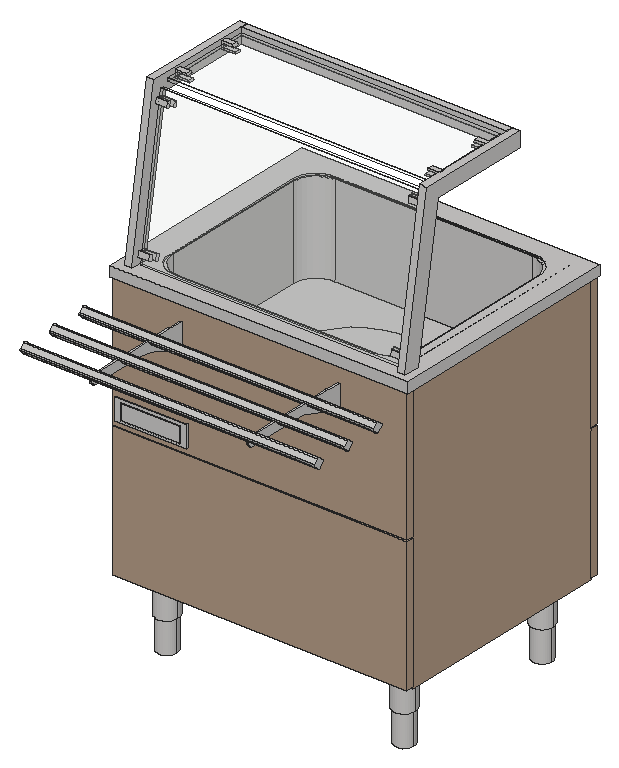
Revit family "QF_ELECTROLUXPROFESSIONAL_322093_F11C2AF01W", category Specialty Equipment, Revit 2018 (continued)
Automatic sketch dimensions
  curve 165 to curve 166 = 0 mm  (x2)
  curve 167 to curve 168 = 0 mm  (x2)
  curve 169 to curve 170 = 0 mm  (x2)
  curve 171 to curve 172 = 0 mm  (x2)
  curve 173 to curve 174 = 0 mm  (x2)
  curve 175 to curve 176 = 0 mm  (x2)
  curve 177 to curve 178 = 0 mm  (x2)
  curve 179 to curve 180 = 0 mm  (x2)
  curve 181 to curve 182 = 0 mm  (x2)
  curve 183 to curve 184 = 0 mm  (x2)
  curve 185 to curve 186 = 0 mm  (x2)
  curve 187 to curve 188 = 0 mm  (x2)
  curve 189 to curve 190 = 0 mm  (x2)
  curve 191 to curve 192 = 0 mm  (x2)
  curve 193 to curve 194 = 0 mm  (x2)
  curve 195 to curve 196 = 0 mm  (x2)
  curve 197 to curve 198 = 0 mm  (x2)
  curve 199 to curve 200 = 0 mm  (x2)
  curve 201 to curve 202 = 0 mm  (x2)
  curve 203 to curve 204 = 0 mm  (x2)
  curve 205 to curve 206 = 0 mm  (x2)
  curve 207 to curve 208 = 0 mm  (x2)
  curve 209 to curve 210 = 0 mm  (x2)
  curve 211 to curve 212 = 0 mm  (x2)
  curve 213 to curve 214 = 0 mm  (x2)
  curve 215 to curve 216 = 0 mm  (x2)
  curve 217 to curve 218 = 0 mm  (x2)
  curve 219 to curve 220 = 0 mm  (x2)
  curve 221 to curve 222 = 0 mm  (x2)
  curve 223 to curve 224 = 0 mm  (x2)
  curve 225 to curve 226 = 0 mm  (x2)
  curve 227 to curve 228 = 0 mm  (x2)
  curve 229 to curve 230 = 0 mm  (x2)
  curve 231 to curve 232 = 0 mm  (x2)
  curve 233 to curve 234 = 0 mm  (x2)
  curve 235 to curve 236 = 0 mm  (x2)
  curve 237 to curve 238 = 0 mm  (x2)
  curve 239 to curve 240 = 0 mm  (x2)
  curve 241 to curve 242 = 0 mm  (x2)
  plane 1 "Centro (Fronte/Retro)" to curve 104 = 0 mm
  plane 1 "Centro (Fronte/Retro)" to curve 213 = 0 mm
  plane 1 "Centro (Fronte/Retro)" to curve 211 = 0 mm
  plane 1 "Centro (Fronte/Retro)" to curve 210 = 0 mm
  plane 1 "Centro (Fronte/Retro)" to curve 105 = 0 mm
  curve 243 to plane 8 = 0 mm
  plane 1 "Centro (Fronte/Retro)" to curve 141 = 0 mm
  plane 1 "Centro (Fronte/Retro)" to curve 143 = 0 mm
  plane 1 "Centro (Fronte/Retro)" to curve 146 = 0 mm
  plane 8 to curve 103 = 0.5 mm
  plane 8 to curve 185 = 7.547 mm
  plane 8 to curve 219 = 7.547 mm
  plane 38 to curve 183 = 1.555 mm
  plane 8 to curve 183 = 10.314 mm
  curve 218 to plane 39 = 1.555 mm
  plane 8 to curve 218 = 10.314 mm
  curve 182 to plane 37 = 3.821 mm
  plane 8 to curve 182 = 14.023 mm
  plane 36 to curve 215 = 3.821 mm
  plane 8 to curve 215 = 14.023 mm
  curve 221 to curve 219 = 6.488 mm
  curve 188 to curve 185 = 6.488 mm
  curve 208 to curve 187 = 4.335 mm
  curve 242 to curve 221 = 4.335 mm
  curve 209 to curve 207 = 1.522 mm
  plane 38 to curve 192 = 4.966 mm
  curve 192 to curve 183 = 9.668 mm
  curve 226 to plane 39 = 4.966 mm
  curve 226 to curve 217 = 9.668 mm
  curve 227 to plane 36 = 0.547 mm
  curve 227 to curve 215 = 13.754 mm
  plane 37 to curve 193 = 0.547 mm
  curve 193 to curve 181 = 13.754 mm
  curve 223 to curve 225 = 8.196 mm
  curve 190 to curve 191 = 8.196 mm
  curve 205 to curve 189 = 8.25 mm
  curve 239 to curve 223 = 8.25 mm
  plane 39 to curve 236 = 4.105 mm
  curve 236 to curve 227 = 10.401 mm
  curve 202 to plane 38 = 4.105 mm
  curve 202 to curve 193 = 10.401 mm
  curve 238 to curve 239 = 3.411 mm
  curve 204 to curve 205 = 3.411 mm
  curve 212 to curve 203 = 0.055 mm
  curve 234 to plane 39 = 3.706 mm
  curve 234 to curve 235 = 9.168 mm
  plane 38 to curve 199 = 3.706 mm
  curve 199 to curve 201 = 9.168 mm
  curve 231 to curve 233 = 7.5 mm
  curve 197 to curve 199 = 7.5 mm
  curve 229 to curve 231 = 4.368 mm
  curve 196 to curve 197 = 4.368 mm
  curve 214 to curve 195 = 0.679 mm
  plane 41 to curve 99 = 26 mm
  plane 41 to curve 96 = 26 mm
  plane 17 to curve 97 = 8 mm
  curve 176 to plane 8 = 0.106 mm
  curve 105 to plane 8 = 0.106 mm
  curve 178 to plane 8 = 0.106 mm
  curve 107 to plane 8 = 0.106 mm
  curve 179 to plane 8 = 0.106 mm
  curve 112 to plane 8 = 0.106 mm
  curve 109 to plane 8 = 0.106 mm
  curve 117 to plane 8 = 7.76 mm
  curve 151 to plane 8 = 7.76 mm
  plane 38 to curve 116 = 1.555 mm
  curve 109 to curve 116 = 10.42 mm
  curve 149 to plane 39 = 1.555 mm
  curve 177 to curve 149 = 10.42 mm
  plane 36 to curve 148 = 3.821 mm
  curve 179 to curve 148 = 14.129 mm
  curve 113 to plane 37 = 3.821 mm
  curve 111 to curve 113 = 14.129 mm
  curve 151 to curve 154 = 6.488 mm
  curve 117 to curve 119 = 6.488 mm
  curve 153 to curve 173 = 4.335 mm
  curve 119 to curve 140 = 4.335 mm
  curve 173 to curve 141 = 1.522 mm
  plane 38 to curve 124 = 4.966 mm
  curve 115 to curve 124 = 9.668 mm
  curve 158 to plane 39 = 4.966 mm
  curve 149 to curve 158 = 9.668 mm
  curve 159 to plane 36 = 0.547 mm
  curve 147 to curve 159 = 13.754 mm
  plane 37 to curve 126 = 0.547 mm
  curve 113 to curve 126 = 13.754 mm
  curve 123 to curve 121 = 8.196 mm
  curve 157 to curve 156 = 8.196 mm
  curve 155 to curve 171 = 8.25 mm
  curve 121 to curve 138 = 8.25 mm
  curve 134 to plane 38 = 4.105 mm
  curve 125 to curve 134 = 10.401 mm
  plane 39 to curve 168 = 4.105 mm
  curve 159 to curve 168 = 10.401 mm
  curve 171 to curve 169 = 3.411 mm
  curve 137 to curve 136 = 3.411 mm
  curve 169 to curve 143 = 0.055 mm
  curve 166 to plane 39 = 3.706 mm
  curve 167 to curve 166 = 9.168 mm
  plane 38 to curve 132 = 3.706 mm
  curve 133 to curve 132 = 9.168 mm
  curve 131 to curve 130 = 7.5 mm
  curve 165 to curve 163 = 7.5 mm
  curve 163 to curve 162 = 4.368 mm
  curve 129 to curve 128 = 4.368 mm
  curve 161 to curve 146 = 0.679 mm
  curve 99 to plane 40 = 19 mm
  curve 102 to plane 40 = 19 mm
  curve 101 to plane 16 = 8 mm
  plane 36 to curve 179 = 4.5 mm
  curve 97 to plane 14 = 29 mm
  curve 178 to plane 39 = 1.5 mm
  curve 225 to curve 224 = 8.25 mm
  curve 157 to curve 155 = 8.25 mm
  curve 234 to curve 232 = 9.91 mm
  curve 165 to curve 164 = 9.91 mm
  curve 155 to curve 171 = 8.196 mm
  curve 223 to curve 240 = 8.196 mm
  curve 175 to curve 105 = 20 mm
  curve 176 to curve 220 = 1.522 mm
  curve 175 to curve 152 = 1.522 mm
  curve 151 to curve 153 = 4.335 mm
  curve 219 to curve 221 = 4.335 mm
  curve 231 to curve 229 = 13.754 mm
  curve 163 to curve 161 = 13.754 mm
  curve 171 to curve 170 = 9.668 mm
  curve 240 to curve 237 = 9.668 mm
  curve 153 to curve 174 = 6.488 mm
  curve 221 to curve 241 = 6.488 mm
  plane 1 "Centro (Fronte/Retro)" to curve 207 = 7.654 mm
  plane 1 "Centro (Fronte/Retro)" to curve 139 = 7.654 mm
  plane 1 "Centro (Fronte/Retro)" to curve 203 = 10.42 mm
  plane 1 "Centro (Fronte/Retro)" to curve 135 = 10.42 mm
  plane 1 "Centro (Fronte/Retro)" to curve 195 = 14.129 mm
  plane 1 "Centro (Fronte/Retro)" to curve 127 = 14.129 mm
  curve 139 to curve 120 = 6.488 mm
  curve 207 to curve 187 = 6.488 mm
  curve 187 to curve 186 = 4.335 mm
  curve 119 to curve 118 = 4.335 mm
  curve 186 to curve 107 = 1.522 mm
  curve 135 to curve 138 = 9.668 mm
  curve 204 to curve 206 = 9.668 mm
  curve 198 to curve 199 = 9.91 mm
  curve 130 to curve 131 = 9.91 mm
  curve 137 to curve 122 = 8.196 mm
  curve 206 to curve 190 = 8.196 mm
  plane 38 to curve 110 = 1.5 mm
  curve 112 to plane 37 = 4.5 mm
  plane 15 to curve 98 = 29 mm
  plane 8 to curve 178 = 2.894 mm
  plane 8 to curve 111 = 2.894 mm
  curve 106 to curve 103 = 2.394 mm
  plane 8 to curve 176 = 2.894 mm
  plane 8 to curve 110 = 2.894 mm
  plane 8 to curve 108 = 2.894 mm
  plane 8 to curve 179 = 2.894 mm
  curve 219 to curve 176 = 1.654 mm
  curve 186 to curve 108 = 1.654 mm
  curve 217 to curve 218 = 3 mm
  curve 183 to curve 184 = 3 mm
  curve 181 to curve 182 = 3 mm
  curve 215 to curve 216 = 3 mm
  curve 187 to curve 188 = 3 mm
  curve 221 to curve 221 = 3 mm
  curve 241 to curve 241 = 3 mm
  curve 207 to curve 208 = 3 mm
  curve 209 to curve 210 = 3 mm
  curve 191 to curve 191 = 3 mm
  curve 225 to curve 226 = 3 mm
  curve 227 to curve 228 = 3 mm
  curve 193 to curve 193 = 3 mm
  curve 189 to curve 189 = 3 mm
  curve 223 to curve 224 = 3 mm
  curve 205 to curve 205 = 3 mm
  curve 239 to curve 240 = 3 mm
  curve 201 to curve 201 = 3 mm
  curve 235 to curve 236 = 3 mm
  curve 237 to curve 238 = 3 mm
  curve 203 to curve 204 = 3 mm
  curve 211 to curve 211 = 3 mm
  curve 233 to curve 233 = 3 mm
  curve 199 to curve 200 = 3 mm
  curve 231 to curve 231 = 3 mm
  curve 197 to curve 197 = 3 mm
  curve 195 to curve 195 = 3 mm
  curve 229 to curve 229 = 3 mm
  curve 213 to curve 214 = 3 mm
  curve 103 to plane 28 = 50.5 mm
  curve 175 to curve 152 = 1.654 mm
  curve 107 to curve 117 = 1.654 mm
  curve 149 to curve 149 = 3 mm
  curve 116 to curve 115 = 3 mm
  curve 148 to curve 147 = 3 mm
  curve 114 to curve 113 = 3 mm
  curve 120 to curve 119 = 3 mm
  curve 154 to curve 153 = 3 mm
  curve 174 to curve 173 = 3 mm
  curve 140 to curve 139 = 3 mm
  curve 141 to curve 141 = 3 mm
  curve 123 to curve 123 = 3 mm
  curve 157 to curve 157 = 3 mm
  curve 160 to curve 159 = 3 mm
  curve 125 to curve 125 = 3 mm
  curve 121 to curve 121 = 3 mm
  curve 155 to curve 155 = 3 mm
  curve 138 to curve 137 = 3 mm
  curve 171 to curve 171 = 3 mm
  curve 167 to curve 167 = 3 mm
  curve 134 to curve 133 = 3 mm
  curve 136 to curve 135 = 3 mm
  curve 170 to curve 169 = 3 mm
  curve 143 to curve 143 = 3 mm
  curve 166 to curve 165 = 3 mm
  curve 132 to curve 131 = 3 mm
  curve 164 to curve 163 = 3 mm
  curve 129 to curve 129 = 3 mm
  curve 162 to curve 161 = 3 mm
  curve 127 to curve 127 = 3 mm
  curve 146 to curve 145 = 3 mm
  curve 247 to plane 7 "LEFT" = 0 mm
  curve 13 to plane 30 = 0 mm
  curve 27 to plane 33 = 0 mm
  curve 50 to plane 34 = 0 mm
  curve 68 to plane 34 = 0 mm
  curve 91 to plane 34 = 0 mm
  curve 18 to plane 34 = 0 mm
  curve 6 to plane 34 = 0 mm
  curve 244 to plane 3 "BACK" = 0 mm
  curve 246 to plane 3 "BACK" = 0 mm
  curve 245 to plane 3 "BACK" = 0 mm
  curve 94 to plane 35 = 0 mm
  curve 93 to plane 35 = 0 mm
  curve 92 to plane 35 = 0 mm
  curve 5 to plane 35 = 0 mm
  curve 18 to plane 35 = 0 mm
  curve 88 to plane 32 = 0 mm
  curve 9 to plane 31 = 0 mm
  curve 1 to plane 3 "BACK" = 0 mm
  curve 248 to plane 6 "RIGHT" = 0 mm
  curve 248 to plane 10 = 0 mm
  curve 4 to plane 4 "FRONT" = 0 mm
  curve 17 to plane 36 = 0 mm
  curve 37 to curve 48 = 1 mm
  curve 71 to plane 34 = 1 mm
  curve 42 to plane 34 = 0 mm
  curve 46 to plane 16 = 5.5 mm
  curve 75 to plane 16 = 5.5 mm
  curve 74 to plane 16 = 3.511 mm
  curve 46 to plane 16 = 3.5 mm
  curve 30 to plane 16 = 3.5 mm
  curve 28 to plane 16 = 3.5 mm
  plane 16 to curve 45 = 2.062 mm
  plane 29 to curve 245 = 9.281 mm
  curve 244 to plane 3 "BACK" = 2 mm
  plane 41 to curve 244 = 4.966 mm
  curve 62 to plane 17 = 2.062 mm
  plane 17 to curve 25 = 3.5 mm
  plane 17 to curve 22 = 3.5 mm
  plane 17 to curve 65 = 3.5 mm
  plane 17 to curve 83 = 3.511 mm
  curve 85 to curve 86 = 1.989 mm
  curve 54 to curve 51 = 2 mm
  plane 35 to curve 61 = 0 mm
  curve 94 to curve 83 = 1 mm
  plane 35 to curve 55 = 1 mm
  curve 14 to plane 24 = 2.344 mm
  curve 10 to plane 24 = 2.344 mm
  plane 24 to curve 86 = 13.819 mm
  plane 24 to curve 76 = 13.819 mm
  curve 75 to curve 76 = 2.431 mm
  curve 86 to curve 89 = 2.431 mm
  curve 73 to curve 75 = 2.493 mm
  curve 84 to curve 85 = 2.493 mm
  curve 89 to curve 82 = 4.924 mm
  curve 78 to curve 71 = 4.924 mm
  curve 71 to curve 71 = 9.848 mm
  curve 82 to curve 80 = 9.848 mm
  plane 15 to curve 34 = 6.122 mm
  plane 15 to curve 54 = 6.122 mm
  curve 51 to curve 64 = 2.431 mm
  curve 33 to curve 34 = 2.431 mm
  curve 34 to curve 36 = 2.493 mm
  curve 52 to curve 65 = 2.493 mm
  curve 67 to curve 37 = 7.355 mm
  curve 94 to curve 55 = 7.355 mm
  curve 66 to curve 93 = 2.954 mm
  curve 49 to curve 57 = 6.894 mm
  curve 93 to curve 39 = 6.894 mm
  curve 57 to curve 49 = 1.229 mm
  curve 49 to curve 60 = 2.617 mm
  curve 48 to curve 43 = 2.617 mm
  curve 60 to curve 60 = 1.078 mm
  curve 42 to curve 42 = 1.078 mm
  curve 59 to curve 92 = 8.954 mm
  curve 91 to curve 29 = 32.796 mm
  curve 20 to curve 25 = 32.796 mm
  curve 25 to curve 25 = 14 mm
  curve 28 to curve 28 = 14 mm
  plane 1 "Centro (Fronte/Retro)" to curve 22 = 3 mm
  plane 1 "Centro (Fronte/Retro)" to curve 31 = 3 mm
  curve 31 to plane 1 "Centro (Fronte/Retro)" = 11 mm
  curve 22 to plane 1 "Centro (Fronte/Retro)" = 11 mm
  plane 36 to curve 8 = 26.023 mm
  curve 245 to plane 9 = 11.101 mm
  curve 75 to curve 90 = 0.034 mm
  plane 16 to curve 45 = 0.999 mm
  curve 246 to plane 29 = 0.719 mm
  plane 28 to curve 246 = 23.028 mm
  curve 245 to curve 244 = 6.005 mm
  curve 63 to plane 17 = 0.999 mm
  curve 81 to curve 80 = 2.431 mm
  curve 70 to curve 69 = 2.431 mm
  curve 80 to curve 79 = 4.924 mm
  curve 69 to curve 68 = 4.924 mm
  curve 16 to curve 51 = 2.23 mm
  plane 15 to curve 15 = 3.892 mm
  curve 40 to curve 39 = 2.431 mm
  curve 58 to curve 56 = 2.431 mm
  plane 36 to curve 11 = 6.023 mm
  curve 246 to curve 245 = 17.321 mm
  radius of Extrusion 26 sketch curve = 10 mm
  radius of Extrusion 27 sketch curve = 10 mm
Nested families
  nested 1: "Foot_Ø50_H150" at (-821.269, -148.263, 0), type "Foot_Ø50_H150"
  nested 2: "Foot_Ø50_H150" at (-207.269, -148.263, 0), type "Foot_Ø50_H150"
  nested 3: "Foot_Ø50_H150" at (-207.269, 297.737, 0), type "Foot_Ø50_H150"
  nested 4: "Foot_Ø50_H150" at (-821.269, 297.737, 0), type "Foot_Ø50_H150"
  nested 5: "Cold Well Static w. Fan770" at (0, 0, 0), type "Cold Well Static w. Fan770"
    with Show Clearance yes
  nested 6: "Controller_compact" at (-793.019, -231.263, 572.8) x (-1, 0, 0) z (0, -1, 0), type "Controller_compact"
  nested 7: "Refrigerator" at (-309.269, -45.263, 900), type "Refrigerator"
Connectors
  piping at (-832.269, 124.737, 166), diameter 20
    settings: on Extrusion 26, index 8, connector inside diameter 609.6 mm, connector length 0 mm, flow factor 0, pipe flow 0.0 L/s, pressure drop 0.0 Pa, fitting loss kfactor 0, connector angle 0.00°, fixture units 0, engagement length 0 mm, angle of deflection 0.00°, flow configuration 1, flow direction 2, fitting loss method 0, system type 16, joint type 0, gender type 0, connector reference index -1, connector utility 0, adjustable connector no, is connector primary yes, connector description ""
  electrical at (-832.269, 24.737, 166)
    settings: on Extrusion 27, index 10, voltage 0 V, apparent load 0 VA, apparent load phase1 0 VA, apparent load phase2 0 VA, apparent load phase3 0 VA, power factor 1, load classification "Other", number of poles 1, system type 31, power factor state 1, is connector primary yes, connector utility no, sub classification motor no, connector description ""
Definition of nested family "Foot_Ø50_H150"
  Reference planes
    plane 1 "Centro (Fronte/Retro)": y = 0
    plane 2: z = 0
    plane 3 "Centro (Sinistra/Destra)": x = 0
    plane 4: z = 178
  Forms (mm)
    Revolve 1, solid
      sketch origin (255.05, 0, 608.09) x (0, 0, 1) y (-1, 0, 0)
        loop
          line (-608.09, 255.05) -> (-608.09, 230.05) -> (-526.09, 230.05) -> (-526.09, 226.05) -> (-430.09, 226.05) -> (-430.09, 255.05) -> (-608.09, 255.05)
        axis (-608.09, 255.05) -> (-430.09, 255.05)
      angle from 0 to 360
  Dimensions and locks
    Revolve 1 sketch curve to Revolve 1 sketch curve = 96 mm
    aligned and locked: level to plane 2
    aligned and locked: plane 4 to Revolve 1 sketch curve
    aligned and locked: Revolve 1 sketch curve to level
    aligned and locked: plane 3 "Centro (Sinistra/Destra)" to Revolve 1 sketch curve
Definition of nested family "Cold Well Static w. Fan770"
  Parameters (values of type "Cold Well Static w. Fan770")
    Show Clearance [instance] = yes
  Reference planes
    plane 1 "Centro (Fronte/Retro)": y = 74.737
    plane 2: z = 0
    plane 3 "BACK": y = 384.737
    plane 4 "FRONT": y = -235.263
    plane 5 "RIGHT": x = -129.269
    plane 6 "LEFT": x = -899.269
    plane 7: x = -514.269
    plane 8 "TOP": z = 900
    plane 9: y = 352.737
    plane 10: y = -203.263
    plane 11: x = -176.469
    plane 12: x = -852.069
    plane 13: y = 329.737
    plane 14: y = -180.263
    plane 15: x = -829.269
    plane 16: x = -199.269
    plane 17: z = 898
    plane 18: z = 658
    plane 19: z = 661
    plane 20: z = 624.1
    plane 21: x = -346.269
    plane 22: y = 188.737
    plane 23: y = -39.263
    plane 24: x = -650.269
    plane 25: z = 265
    plane 26: x = -774.269
    plane 27: x = -324.269
    plane 28: x = -762.269
    plane 29: x = -336.269
    plane 30: y = -200.063
    plane 31: y = 349.537
    plane 32 "1": y = 239.737
    plane 33: y = -165.263
    plane 34: y = 314.737
  Forms (mm)
    Extrusion 1, solid
      sketch origin (0, 0, 900) x (-1, 0, 0) y (0, -1, 0)
        loop
          line (176.469, -352.737) -> (852.069, -352.737) -> (852.069, 203.263) -> (176.469, 203.263) -> (176.469, -352.737)
      from -2 to -242
    Extrusion 2, void
      sketch origin (0, 0, 900) x (-1, 0, 0) y (0, -1, 0)
        loop
          line (829.269, -268.737) -> (829.269, 119.263)
          arc (829.269, 119.263) -> (811.402, 162.396) -> (768.269, 180.263) r 61
          line (768.269, 180.263) -> (260.269, 180.263)
          arc (260.269, 180.263) -> (217.135, 162.396) -> (199.269, 119.263) r 61
          line (199.269, 119.263) -> (199.269, -268.737)
          arc (199.269, -268.737) -> (217.135, -311.871) -> (260.269, -329.737) r 61
          line (260.269, -329.737) -> (768.269, -329.737)
          arc (768.269, -329.737) -> (811.402, -311.871) -> (829.269, -268.737) r 61
      from 0 to -239
    Extrusion 3, solid
      sketch origin (0, 0, 900) x (-1, 0, 0) y (0, -1, 0)
        loop
          line (650.269, -188.737) -> (650.269, 39.263) -> (346.269, 39.263) -> (346.269, -188.737) -> (650.269, -188.737)
      from -242 to -275.9
    Extrusion 4, solid
      sketch origin (0, 0, 900) x (-1, 0, 0) y (0, -1, 0)
        loop
          circle (513.769, -74.737) r 155
        loop
          circle (514.375, -74.737) r 3
        loop
          circle (534.375, -74.737) r 3
        loop
          circle (554.375, -74.737) r 3
        loop
          circle (574.375, -74.737) r 3
        loop
          circle (514.375, -54.737) r 3
        loop
          circle (514.375, -34.737) r 3
        loop
          circle (514.375, -14.737) r 3
        loop
          circle (528.517, -60.595) r 3
        loop
          circle (542.659, -46.453) r 3
        loop
          circle (552.659, -29.132) r 3
        loop
          circle (522.029, -56.259) r 3
        loop
          circle (532.852, -67.083) r 3
        loop
          circle (524.795, -34.792) r 3
        loop
          circle (528.504, -15.416) r 3
        loop
          circle (534.463, -38.203) r 3
        loop
          circle (542.258, -19.785) r 3
        loop
          circle (554.32, -64.317) r 3
        loop
          circle (573.696, -60.608) r 3
        loop
          circle (550.909, -54.649) r 3
        loop
          circle (569.327, -46.854) r 3
        loop
          circle (561.827, -36.943) r 3
        loop
          circle (528.517, -88.879) r 3
        loop
          circle (542.659, -103.021) r 3
        loop
          circle (552.659, -120.342) r 3
        loop
          circle (522.029, -93.215) r 3
        loop
          circle (532.852, -82.391) r 3
        loop
          circle (524.795, -114.682) r 3
        loop
          circle (528.504, -134.058) r 3
        loop
          circle (534.463, -111.271) r 3
        loop
          circle (542.258, -129.69) r 3
        loop
          circle (554.32, -85.157) r 3
        loop
          circle (573.696, -88.866) r 3
        loop
          circle (550.909, -94.825) r 3
        loop
          circle (569.327, -102.621) r 3
        loop
          circle (561.827, -112.531) r 3
        loop
          circle (514.375, -94.737) r 3
        loop
          circle (514.375, -114.737) r 3
        loop
          circle (514.375, -134.737) r 3
        loop
          circle (494.375, -74.737) r 3
        loop
          circle (474.375, -74.737) r 3
        loop
          circle (454.375, -74.737) r 3
        loop
          circle (500.233, -60.595) r 3
        loop
          circle (486.091, -46.453) r 3
        loop
          circle (476.091, -29.132) r 3
        loop
          circle (506.721, -56.259) r 3
        loop
          circle (495.897, -67.083) r 3
        loop
          circle (503.955, -34.792) r 3
        loop
          circle (500.246, -15.416) r 3
        loop
          circle (494.287, -38.203) r 3
        loop
          circle (486.491, -19.785) r 3
        loop
          circle (474.43, -64.317) r 3
        loop
          circle (455.054, -60.608) r 3
        loop
          circle (477.841, -54.649) r 3
        loop
          circle (459.422, -46.854) r 3
        loop
          circle (466.922, -36.943) r 3
        loop
          circle (500.233, -88.879) r 3
        loop
          circle (486.091, -103.021) r 3
        loop
          circle (476.091, -120.342) r 3
        loop
          circle (506.721, -93.215) r 3
        loop
          circle (495.897, -82.391) r 3
        loop
          circle (503.955, -114.682) r 3
        loop
          circle (500.246, -134.058) r 3
        loop
          circle (494.287, -111.271) r 3
        loop
          circle (486.491, -129.69) r 3
        loop
          circle (474.43, -85.157) r 3
        loop
          circle (455.054, -88.866) r 3
        loop
          circle (477.841, -94.825) r 3
        loop
          circle (459.422, -102.621) r 3
        loop
          circle (466.922, -112.531) r 3
      from -233.523 to -230.523
  Cuts and joins
    Extrusion 2 cuts Extrusion 1
  Lines and regions (mm)
    symbolic lines
      curve 1: line (-139.269, 384.737, 900) -> (-889.269, 384.737, 900)
      curve 2: arc (-889.269, 384.737, 900) -> (-896.34, 381.808, 900) -> (-899.269, 374.737, 900) r 10
      curve 3: line (-899.269, 374.737, 900) -> (-899.269, -225.263, 900)
      curve 4: arc (-899.269, -225.263, 900) -> (-896.34, -232.334, 900) -> (-889.269, -235.263, 900) r 10
      curve 5: line (-889.269, -235.263, 900) -> (-139.269, -235.263, 900)
      curve 6: arc (-139.269, -235.263, 900) -> (-132.198, -232.334, 900) -> (-129.269, -225.263, 900) r 10
      curve 7: line (-129.269, -225.263, 900) -> (-129.269, 374.737, 900)
      curve 8: arc (-129.269, 374.737, 900) -> (-132.198, 381.808, 900) -> (-139.269, 384.737, 900) r 10
      curve 9: line (-768.269, 329.737, 900) -> (-260.269, 329.737, 900)
      curve 10: arc (-260.269, 329.737, 900) -> (-217.135, 311.871, 900) -> (-199.269, 268.737, 900) r 61
      curve 11: line (-199.269, 268.737, 900) -> (-199.269, -119.263, 900)
      curve 12: arc (-199.269, -119.263, 900) -> (-217.135, -162.396, 900) -> (-260.269, -180.263, 900) r 61
      curve 13: line (-260.269, -180.263, 900) -> (-768.269, -180.263, 900)
      curve 14: arc (-768.269, -180.263, 900) -> (-811.402, -162.396, 900) -> (-829.269, -119.263, 900) r 61
      curve 15: line (-829.269, -119.263, 900) -> (-829.269, 268.737, 900)
      curve 16: arc (-829.269, 268.737, 900) -> (-811.402, 311.871, 900) -> (-768.269, 329.737, 900) r 61
      curve 17: arc (-358.769, 74.737, 900) -> (-513.769, 229.737, 900) -> (-668.769, 74.737, 900) r 155
      curve 18: arc (-668.769, 74.737, 900) -> (-513.769, -80.263, 900) -> (-358.769, 74.737, 900) r 155
      curve 19: arc (-511.375, 74.737, 900) -> (-514.375, 71.737, 900) -> (-517.375, 74.737, 900) r 3
      curve 20: arc (-517.375, 74.737, 900) -> (-514.375, 77.737, 900) -> (-511.375, 74.737, 900) r 3
      curve 21: arc (-511.375, 54.737, 900) -> (-514.375, 51.737, 900) -> (-517.375, 54.737, 900) r 3
      curve 22: arc (-517.375, 54.737, 900) -> (-514.375, 57.737, 900) -> (-511.375, 54.737, 900) r 3
      curve 23: arc (-511.375, 34.737, 900) -> (-514.375, 31.737, 900) -> (-517.375, 34.737, 900) r 3
      curve 24: arc (-517.375, 34.737, 900) -> (-514.375, 37.737, 900) -> (-511.375, 34.737, 900) r 3
      curve 25: arc (-511.375, 14.737, 900) -> (-514.375, 11.737, 900) -> (-517.375, 14.737, 900) r 3
      curve 26: arc (-517.375, 14.737, 900) -> (-514.375, 17.737, 900) -> (-511.375, 14.737, 900) r 3
      curve 27: arc (-525.504, 15.416, 900) -> (-528.504, 12.416, 900) -> (-531.504, 15.416, 900) r 3
      curve 28: arc (-531.504, 15.416, 900) -> (-528.504, 18.416, 900) -> (-525.504, 15.416, 900) r 3
      curve 29: arc (-521.795, 34.792, 900) -> (-524.795, 31.792, 900) -> (-527.795, 34.792, 900) r 3
      curve 30: arc (-527.795, 34.792, 900) -> (-524.795, 37.792, 900) -> (-521.795, 34.792, 900) r 3
      curve 31: arc (-525.029, 56.259, 900) -> (-522.029, 59.259, 900) -> (-519.029, 56.259, 900) r 3
      curve 32: arc (-519.029, 56.259, 900) -> (-522.029, 53.259, 900) -> (-525.029, 56.259, 900) r 3
      curve 33: arc (-531.517, 60.595, 900) -> (-528.517, 63.595, 900) -> (-525.517, 60.595, 900) r 3
      curve 34: arc (-525.517, 60.595, 900) -> (-528.517, 57.595, 900) -> (-531.517, 60.595, 900) r 3
      curve 35: arc (-545.659, 46.453, 900) -> (-542.659, 49.453, 900) -> (-539.659, 46.453, 900) r 3
      curve 36: arc (-539.659, 46.453, 900) -> (-542.659, 43.453, 900) -> (-545.659, 46.453, 900) r 3
      curve 37: arc (-537.463, 38.203, 900) -> (-534.463, 41.203, 900) -> (-531.463, 38.203, 900) r 3
      curve 38: arc (-531.463, 38.203, 900) -> (-534.463, 35.203, 900) -> (-537.463, 38.203, 900) r 3
      curve 39: arc (-545.258, 19.785, 900) -> (-542.258, 22.785, 900) -> (-539.258, 19.785, 900) r 3
      curve 40: arc (-539.258, 19.785, 900) -> (-542.258, 16.785, 900) -> (-545.258, 19.785, 900) r 3
      curve 41: arc (-570.696, 60.608, 900) -> (-573.696, 57.608, 900) -> (-576.696, 60.608, 900) r 3
      curve 42: arc (-576.696, 60.608, 900) -> (-573.696, 63.608, 900) -> (-570.696, 60.608, 900) r 3
      curve 43: arc (-572.327, 46.854, 900) -> (-569.327, 49.854, 900) -> (-566.327, 46.854, 900) r 3
      curve 44: arc (-566.327, 46.854, 900) -> (-569.327, 43.854, 900) -> (-572.327, 46.854, 900) r 3
      curve 45: arc (-564.827, 36.943, 900) -> (-561.827, 39.943, 900) -> (-558.827, 36.943, 900) r 3
      curve 46: arc (-558.827, 36.943, 900) -> (-561.827, 33.943, 900) -> (-564.827, 36.943, 900) r 3
      curve 47: arc (-555.659, 29.132, 900) -> (-552.659, 32.132, 900) -> (-549.659, 29.132, 900) r 3
      curve 48: arc (-549.659, 29.132, 900) -> (-552.659, 26.132, 900) -> (-555.659, 29.132, 900) r 3
      curve 49: arc (-557.32, 64.317, 900) -> (-554.32, 67.317, 900) -> (-551.32, 64.317, 900) r 3
      curve 50: arc (-551.32, 64.317, 900) -> (-554.32, 61.317, 900) -> (-557.32, 64.317, 900) r 3
      curve 51: arc (-553.909, 54.649, 900) -> (-550.909, 57.649, 900) -> (-547.909, 54.649, 900) r 3
      curve 52: arc (-547.909, 54.649, 900) -> (-550.909, 51.649, 900) -> (-553.909, 54.649, 900) r 3
      curve 53: arc (-529.852, 67.083, 900) -> (-532.852, 64.083, 900) -> (-535.852, 67.083, 900) r 3
      curve 54: arc (-535.852, 67.083, 900) -> (-532.852, 70.083, 900) -> (-529.852, 67.083, 900) r 3
      curve 55: arc (-537.375, 74.737, 900) -> (-534.375, 77.737, 900) -> (-531.375, 74.737, 900) r 3
      curve 56: arc (-531.375, 74.737, 900) -> (-534.375, 71.737, 900) -> (-537.375, 74.737, 900) r 3
      curve 57: arc (-557.375, 74.737, 900) -> (-554.375, 77.737, 900) -> (-551.375, 74.737, 900) r 3
      curve 58: arc (-551.375, 74.737, 900) -> (-554.375, 71.737, 900) -> (-557.375, 74.737, 900) r 3
      curve 59: arc (-577.375, 74.737, 900) -> (-574.375, 77.737, 900) -> (-571.375, 74.737, 900) r 3
      curve 60: arc (-571.375, 74.737, 900) -> (-574.375, 71.737, 900) -> (-577.375, 74.737, 900) r 3
      curve 61: arc (-525.504, 134.058, 900) -> (-528.504, 137.058, 900) -> (-531.504, 134.058, 900) r 3
      curve 62: arc (-531.504, 134.058, 900) -> (-528.504, 131.058, 900) -> (-525.504, 134.058, 900) r 3
      curve 63: arc (-521.795, 114.682, 900) -> (-524.795, 117.682, 900) -> (-527.795, 114.682, 900) r 3
      curve 64: arc (-527.795, 114.682, 900) -> (-524.795, 111.682, 900) -> (-521.795, 114.682, 900) r 3
      curve 65: arc (-525.029, 93.215, 900) -> (-522.029, 90.215, 900) -> (-519.029, 93.215, 900) r 3
      curve 66: arc (-519.029, 93.215, 900) -> (-522.029, 96.215, 900) -> (-525.029, 93.215, 900) r 3
      curve 67: arc (-531.517, 88.879, 900) -> (-528.517, 85.879, 900) -> (-525.517, 88.879, 900) r 3
      curve 68: arc (-525.517, 88.879, 900) -> (-528.517, 91.879, 900) -> (-531.517, 88.879, 900) r 3
      curve 69: arc (-545.659, 103.021, 900) -> (-542.659, 100.021, 900) -> (-539.659, 103.021, 900) r 3
      curve 70: arc (-539.659, 103.021, 900) -> (-542.659, 106.021, 900) -> (-545.659, 103.021, 900) r 3
      curve 71: arc (-537.463, 111.271, 900) -> (-534.463, 108.271, 900) -> (-531.463, 111.271, 900) r 3
      curve 72: arc (-531.463, 111.271, 900) -> (-534.463, 114.271, 900) -> (-537.463, 111.271, 900) r 3
      curve 73: arc (-545.258, 129.69, 900) -> (-542.258, 126.69, 900) -> (-539.258, 129.69, 900) r 3
      curve 74: arc (-539.258, 129.69, 900) -> (-542.258, 132.69, 900) -> (-545.258, 129.69, 900) r 3
      curve 75: arc (-570.696, 88.866, 900) -> (-573.696, 91.866, 900) -> (-576.696, 88.866, 900) r 3
      curve 76: arc (-576.696, 88.866, 900) -> (-573.696, 85.866, 900) -> (-570.696, 88.866, 900) r 3
      curve 77: arc (-572.327, 102.621, 900) -> (-569.327, 99.621, 900) -> (-566.327, 102.621, 900) r 3
      curve 78: arc (-566.327, 102.621, 900) -> (-569.327, 105.621, 900) -> (-572.327, 102.621, 900) r 3
      curve 79: arc (-564.827, 112.531, 900) -> (-561.827, 109.531, 900) -> (-558.827, 112.531, 900) r 3
      curve 80: arc (-558.827, 112.531, 900) -> (-561.827, 115.531, 900) -> (-564.827, 112.531, 900) r 3
      curve 81: arc (-555.659, 120.342, 900) -> (-552.659, 117.342, 900) -> (-549.659, 120.342, 900) r 3
      curve 82: arc (-549.659, 120.342, 900) -> (-552.659, 123.342, 900) -> (-555.659, 120.342, 900) r 3
      curve 83: arc (-557.32, 85.157, 900) -> (-554.32, 82.157, 900) -> (-551.32, 85.157, 900) r 3
      curve 84: arc (-551.32, 85.157, 900) -> (-554.32, 88.157, 900) -> (-557.32, 85.157, 900) r 3
      curve 85: arc (-553.909, 94.825, 900) -> (-550.909, 91.825, 900) -> (-547.909, 94.825, 900) r 3
      curve 86: arc (-547.909, 94.825, 900) -> (-550.909, 97.825, 900) -> (-553.909, 94.825, 900) r 3
      curve 87: arc (-529.852, 82.391, 900) -> (-532.852, 85.391, 900) -> (-535.852, 82.391, 900) r 3
      curve 88: arc (-535.852, 82.391, 900) -> (-532.852, 79.391, 900) -> (-529.852, 82.391, 900) r 3
      curve 89: arc (-511.375, 94.737, 900) -> (-514.375, 97.737, 900) -> (-517.375, 94.737, 900) r 3
      curve 90: arc (-517.375, 94.737, 900) -> (-514.375, 91.737, 900) -> (-511.375, 94.737, 900) r 3
      curve 91: arc (-511.375, 114.737, 900) -> (-514.375, 117.737, 900) -> (-517.375, 114.737, 900) r 3
      curve 92: arc (-517.375, 114.737, 900) -> (-514.375, 111.737, 900) -> (-511.375, 114.737, 900) r 3
      curve 93: arc (-511.375, 134.737, 900) -> (-514.375, 137.737, 900) -> (-517.375, 134.737, 900) r 3
      curve 94: arc (-517.375, 134.737, 900) -> (-514.375, 131.737, 900) -> (-511.375, 134.737, 900) r 3
      curve 95: arc (-503.246, 15.416, 900) -> (-500.246, 12.416, 900) -> (-497.246, 15.416, 900) r 3
      curve 96: arc (-497.246, 15.416, 900) -> (-500.246, 18.416, 900) -> (-503.246, 15.416, 900) r 3
      curve 97: arc (-506.955, 34.792, 900) -> (-503.955, 31.792, 900) -> (-500.955, 34.792, 900) r 3
      curve 98: arc (-500.955, 34.792, 900) -> (-503.955, 37.792, 900) -> (-506.955, 34.792, 900) r 3
      curve 99: arc (-503.721, 56.259, 900) -> (-506.721, 59.259, 900) -> (-509.721, 56.259, 900) r 3
      curve 100: arc (-509.721, 56.259, 900) -> (-506.721, 53.259, 900) -> (-503.721, 56.259, 900) r 3
      curve 101: arc (-497.233, 60.595, 900) -> (-500.233, 63.595, 900) -> (-503.233, 60.595, 900) r 3
      curve 102: arc (-503.233, 60.595, 900) -> (-500.233, 57.595, 900) -> (-497.233, 60.595, 900) r 3
      curve 103: arc (-483.091, 46.453, 900) -> (-486.091, 49.453, 900) -> (-489.091, 46.453, 900) r 3
      curve 104: arc (-489.091, 46.453, 900) -> (-486.091, 43.453, 900) -> (-483.091, 46.453, 900) r 3
      curve 105: arc (-491.287, 38.203, 900) -> (-494.287, 41.203, 900) -> (-497.287, 38.203, 900) r 3
      curve 106: arc (-497.287, 38.203, 900) -> (-494.287, 35.203, 900) -> (-491.287, 38.203, 900) r 3
      curve 107: arc (-483.491, 19.785, 900) -> (-486.491, 22.785, 900) -> (-489.491, 19.785, 900) r 3
      curve 108: arc (-489.491, 19.785, 900) -> (-486.491, 16.785, 900) -> (-483.491, 19.785, 900) r 3
      curve 109: arc (-458.054, 60.608, 900) -> (-455.054, 57.608, 900) -> (-452.054, 60.608, 900) r 3
      curve 110: arc (-452.054, 60.608, 900) -> (-455.054, 63.608, 900) -> (-458.054, 60.608, 900) r 3
      curve 111: arc (-456.422, 46.854, 900) -> (-459.422, 49.854, 900) -> (-462.422, 46.854, 900) r 3
      curve 112: arc (-462.422, 46.854, 900) -> (-459.422, 43.854, 900) -> (-456.422, 46.854, 900) r 3
      curve 113: arc (-463.922, 36.943, 900) -> (-466.922, 39.943, 900) -> (-469.922, 36.943, 900) r 3
      curve 114: arc (-469.922, 36.943, 900) -> (-466.922, 33.943, 900) -> (-463.922, 36.943, 900) r 3
      curve 115: arc (-473.091, 29.132, 900) -> (-476.091, 32.132, 900) -> (-479.091, 29.132, 900) r 3
      curve 116: arc (-479.091, 29.132, 900) -> (-476.091, 26.132, 900) -> (-473.091, 29.132, 900) r 3
      curve 117: arc (-471.43, 64.317, 900) -> (-474.43, 67.317, 900) -> (-477.43, 64.317, 900) r 3
      curve 118: arc (-477.43, 64.317, 900) -> (-474.43, 61.317, 900) -> (-471.43, 64.317, 900) r 3
      curve 119: arc (-474.841, 54.649, 900) -> (-477.841, 57.649, 900) -> (-480.841, 54.649, 900) r 3
      curve 120: arc (-480.841, 54.649, 900) -> (-477.841, 51.649, 900) -> (-474.841, 54.649, 900) r 3
      curve 121: arc (-498.897, 67.083, 900) -> (-495.897, 64.083, 900) -> (-492.897, 67.083, 900) r 3
      curve 122: arc (-492.897, 67.083, 900) -> (-495.897, 70.083, 900) -> (-498.897, 67.083, 900) r 3
      curve 123: arc (-491.375, 74.737, 900) -> (-494.375, 77.737, 900) -> (-497.375, 74.737, 900) r 3
      curve 124: arc (-497.375, 74.737, 900) -> (-494.375, 71.737, 900) -> (-491.375, 74.737, 900) r 3
      curve 125: arc (-471.375, 74.737, 900) -> (-474.375, 77.737, 900) -> (-477.375, 74.737, 900) r 3
      curve 126: arc (-477.375, 74.737, 900) -> (-474.375, 71.737, 900) -> (-471.375, 74.737, 900) r 3
      curve 127: arc (-451.375, 74.737, 900) -> (-454.375, 77.737, 900) -> (-457.375, 74.737, 900) r 3
      curve 128: arc (-457.375, 74.737, 900) -> (-454.375, 71.737, 900) -> (-451.375, 74.737, 900) r 3
      curve 129: arc (-503.246, 134.058, 900) -> (-500.246, 137.058, 900) -> (-497.246, 134.058, 900) r 3
      curve 130: arc (-497.246, 134.058, 900) -> (-500.246, 131.058, 900) -> (-503.246, 134.058, 900) r 3
      curve 131: arc (-506.955, 114.682, 900) -> (-503.955, 117.682, 900) -> (-500.955, 114.682, 900) r 3
      curve 132: arc (-500.955, 114.682, 900) -> (-503.955, 111.682, 900) -> (-506.955, 114.682, 900) r 3
      curve 133: arc (-503.721, 93.215, 900) -> (-506.721, 90.215, 900) -> (-509.721, 93.215, 900) r 3
      curve 134: arc (-509.721, 93.215, 900) -> (-506.721, 96.215, 900) -> (-503.721, 93.215, 900) r 3
      curve 135: arc (-497.233, 88.879, 900) -> (-500.233, 85.879, 900) -> (-503.233, 88.879, 900) r 3
      curve 136: arc (-503.233, 88.879, 900) -> (-500.233, 91.879, 900) -> (-497.233, 88.879, 900) r 3
      curve 137: arc (-483.091, 103.021, 900) -> (-486.091, 100.021, 900) -> (-489.091, 103.021, 900) r 3
      curve 138: arc (-489.091, 103.021, 900) -> (-486.091, 106.021, 900) -> (-483.091, 103.021, 900) r 3
      curve 139: arc (-491.287, 111.271, 900) -> (-494.287, 108.271, 900) -> (-497.287, 111.271, 900) r 3
      curve 140: arc (-497.287, 111.271, 900) -> (-494.287, 114.271, 900) -> (-491.287, 111.271, 900) r 3
      curve 141: arc (-483.491, 129.69, 900) -> (-486.491, 126.69, 900) -> (-489.491, 129.69, 900) r 3
      curve 142: arc (-489.491, 129.69, 900) -> (-486.491, 132.69, 900) -> (-483.491, 129.69, 900) r 3
      curve 143: arc (-458.054, 88.866, 900) -> (-455.054, 91.866, 900) -> (-452.054, 88.866, 900) r 3
      curve 144: arc (-452.054, 88.866, 900) -> (-455.054, 85.866, 900) -> (-458.054, 88.866, 900) r 3
      curve 145: arc (-456.422, 102.621, 900) -> (-459.422, 99.621, 900) -> (-462.422, 102.621, 900) r 3
      curve 146: arc (-462.422, 102.621, 900) -> (-459.422, 105.621, 900) -> (-456.422, 102.621, 900) r 3
      curve 147: arc (-463.922, 112.531, 900) -> (-466.922, 109.531, 900) -> (-469.922, 112.531, 900) r 3
      curve 148: arc (-469.922, 112.531, 900) -> (-466.922, 115.531, 900) -> (-463.922, 112.531, 900) r 3
      curve 149: arc (-473.091, 120.342, 900) -> (-476.091, 117.342, 900) -> (-479.091, 120.342, 900) r 3
      curve 150: arc (-479.091, 120.342, 900) -> (-476.091, 123.342, 900) -> (-473.091, 120.342, 900) r 3
      curve 151: arc (-471.43, 85.157, 900) -> (-474.43, 82.157, 900) -> (-477.43, 85.157, 900) r 3
      curve 152: arc (-477.43, 85.157, 900) -> (-474.43, 88.157, 900) -> (-471.43, 85.157, 900) r 3
      curve 153: arc (-474.841, 94.825, 900) -> (-477.841, 91.825, 900) -> (-480.841, 94.825, 900) r 3
      curve 154: arc (-480.841, 94.825, 900) -> (-477.841, 97.825, 900) -> (-474.841, 94.825, 900) r 3
      curve 155: arc (-498.897, 82.391, 900) -> (-495.897, 85.391, 900) -> (-492.897, 82.391, 900) r 3
      curve 156: arc (-492.897, 82.391, 900) -> (-495.897, 79.391, 900) -> (-498.897, 82.391, 900) r 3
      curve 157: line (-514.269, 329.737, 900) -> (-514.269, -180.263, 900)
  Dimensions and locks
    plane 6 "LEFT" to plane 5 "RIGHT" = 770 mm
    equal spacing: plane 3 "BACK", plane 1 "Centro (Fronte/Retro)", plane 4 "FRONT"
    plane 3 "BACK" to plane 4 "FRONT" = 620 mm
    equal spacing: plane 6 "LEFT", plane 7, plane 5 "RIGHT"
    locked: plane 8 "TOP" to plane 2 at 900
    locked: plane 6 "LEFT" to plane 12 at 47.2
    locked: plane 11 to plane 5 "RIGHT" at 47.2
    locked: plane 3 "BACK" to plane 9 at 32
    locked: plane 10 to plane 4 "FRONT" at 32
    locked: plane 3 "BACK" to plane 13 at 55
    locked: plane 14 to plane 4 "FRONT" at 55
    locked: plane 6 "LEFT" to plane 15 at 70
    locked: plane 16 to plane 5 "RIGHT" at 70
    locked: plane 8 "TOP" to plane 17 at 2
    plane 8 "TOP" to plane 18 = 242 mm
    locked: plane 19 to plane 18 at 3
    locked: plane 8 "TOP" to plane 20 at 275.9
    plane 21 to plane 11 = 169.8 mm
    locked: plane 9 to plane 22 at 164
    locked: plane 23 to plane 10 at 164
    plane 12 to plane 24 = 201.8 mm
    plane 8 "TOP" to plane 25 = 635 mm
    plane 27 to plane 26 = 450 mm
    locked: plane 28 to plane 26 at 12
    locked: plane 27 to plane 29 at 12
    equal spacing: plane 30, plane 1 "Centro (Fronte/Retro)", plane 31
    plane 18 to plane 25 = 393 mm
    plane 15 to plane 16 = 630 mm
    cut or joined group of Extrusion 1, Extrusion 2 to cut or joined group of Extrusion 1, Extrusion 2 = 510 mm
    plane 26 to plane 6 "LEFT" = 125 mm
    equal spacing: plane 33, plane 1 "Centro (Fronte/Retro)", plane 34
    plane 33 to plane 34 = 480 mm
    aligned and locked: level to plane 2
    aligned and locked: plane 9 to Extrusion 1 sketch curve
    aligned and locked: plane 11 to Extrusion 1 sketch curve
    aligned and locked: Extrusion 1 sketch curve to plane 10
    aligned and locked: Extrusion 1 sketch curve to plane 12
    aligned and locked: Extrusion 1 to plane 18
    aligned and locked: Extrusion 2 to plane 19
    aligned and locked: Extrusion 3 sketch curve to plane 22
    aligned and locked: plane 23 to Extrusion 3 sketch curve
    aligned and locked: Extrusion 3 sketch curve to plane 21
    aligned and locked: Extrusion 3 to plane 20
    aligned and locked: plane 18 to Extrusion 3
    aligned and locked: Extrusion 3 to plane 24
  Automatic sketch dimensions
    Extrusion 2 sketch curve to plane 13 = 61 mm
    Extrusion 2 sketch curve to plane 16 = 61 mm
    plane 14 to Extrusion 2 sketch curve = 61 mm
    plane 15 to Extrusion 2 sketch curve = 61 mm
    plane 15 to Extrusion 3 sketch curve = 179 mm
    plane 1 "Centro (Fronte/Retro)" to Extrusion 4 sketch curve = 0 mm  (x8)
    plane 7 to Extrusion 4 sketch curve = 59.894 mm
    Extrusion 4 sketch curve to Extrusion 4 sketch curve = 0.679 mm  (x5)
    Extrusion 4 sketch curve to Extrusion 4 sketch curve = 4.368 mm  (x8)
    Extrusion 4 sketch curve to Extrusion 4 sketch curve = 7.5 mm  (x4)
    Extrusion 4 sketch curve to Extrusion 4 sketch curve = 20 mm
    Extrusion 4 sketch curve to Extrusion 4 sketch curve = 0.055 mm  (x5)
    Extrusion 4 sketch curve to Extrusion 4 sketch curve = 9.168 mm  (x4)
    Extrusion 4 sketch curve to Extrusion 4 sketch curve = 3.411 mm  (x8)
    Extrusion 4 sketch curve to Extrusion 4 sketch curve = 8.25 mm  (x8)
    Extrusion 4 sketch curve to Extrusion 4 sketch curve = 10.401 mm  (x4)
    Extrusion 4 sketch curve to Extrusion 4 sketch curve = 8.196 mm  (x8)
    plane 7 to Extrusion 4 sketch curve = 19.894 mm
    Extrusion 4 sketch curve to Extrusion 4 sketch curve = 1.522 mm  (x5)
    Extrusion 4 sketch curve to Extrusion 4 sketch curve = 4.335 mm  (x8)
    plane 7 to Extrusion 4 sketch curve = 14.023 mm  (x2)
    Extrusion 4 sketch curve to Extrusion 4 sketch curve = 9.668 mm  (x8)
    plane 7 to Extrusion 4 sketch curve = 7.547 mm  (x2)
    plane 7 to Extrusion 4 sketch curve = 0.5 mm
    Extrusion 4 sketch curve to plane 7 = 0.106 mm  (x7)
    Extrusion 4 sketch curve to plane 7 = 7.76 mm  (x2)
    Extrusion 4 sketch curve to Extrusion 4 sketch curve = 10.42 mm  (x2)
    Extrusion 4 sketch curve to Extrusion 4 sketch curve = 14.129 mm  (x2)
    Extrusion 4 sketch curve to Extrusion 4 sketch curve = 6.488 mm  (x6)
    Extrusion 4 sketch curve to Extrusion 4 sketch curve = 13.754 mm  (x6)
    Extrusion 4 sketch curve to plane 1 "Centro (Fronte/Retro)" = 7.654 mm  (x2)
    Extrusion 4 sketch curve to plane 1 "Centro (Fronte/Retro)" = 10.42 mm  (x2)
    Extrusion 4 sketch curve to plane 1 "Centro (Fronte/Retro)" = 14.129 mm  (x2)
    Extrusion 4 sketch curve to Extrusion 4 sketch curve = 9.91 mm  (x4)
    Extrusion 4 sketch curve to Extrusion 4 sketch curve = 7.811 mm  (x4)
    Extrusion 4 sketch curve to Extrusion 4 sketch curve = 9.348 mm  (x4)
    plane 1 "Centro (Fronte/Retro)" to Extrusion 4 sketch curve = 7.654 mm  (x2)
    plane 1 "Centro (Fronte/Retro)" to Extrusion 4 sketch curve = 10.42 mm  (x2)
    plane 1 "Centro (Fronte/Retro)" to Extrusion 4 sketch curve = 14.129 mm  (x2)
    curve 19 to curve 20 = 0 mm  (x2)
    curve 21 to curve 22 = 0 mm  (x2)
    curve 23 to curve 24 = 0 mm  (x2)
    curve 25 to curve 26 = 0 mm  (x2)
    curve 27 to curve 28 = 0 mm  (x2)
    curve 29 to curve 30 = 0 mm  (x2)
    curve 31 to curve 32 = 0 mm  (x2)
    curve 33 to curve 34 = 0 mm  (x2)
    curve 35 to curve 36 = 0 mm  (x2)
    curve 37 to curve 38 = 0 mm  (x2)
    curve 39 to curve 40 = 0 mm  (x2)
    curve 41 to curve 42 = 0 mm  (x2)
    curve 43 to curve 44 = 0 mm  (x2)
    curve 45 to curve 46 = 0 mm  (x2)
    curve 47 to curve 48 = 0 mm  (x2)
    curve 49 to curve 50 = 0 mm  (x2)
    curve 51 to curve 52 = 0 mm  (x2)
    curve 53 to curve 54 = 0 mm  (x2)
    curve 55 to curve 56 = 0 mm  (x2)
    curve 57 to curve 58 = 0 mm  (x2)
    curve 59 to curve 60 = 0 mm  (x2)
    curve 61 to curve 62 = 0 mm  (x2)
    curve 63 to curve 64 = 0 mm  (x2)
    curve 65 to curve 66 = 0 mm  (x2)
    curve 67 to curve 68 = 0 mm  (x2)
    curve 69 to curve 70 = 0 mm  (x2)
    curve 71 to curve 72 = 0 mm  (x2)
    curve 73 to curve 74 = 0 mm  (x2)
    curve 75 to curve 76 = 0 mm  (x2)
    curve 77 to curve 78 = 0 mm  (x2)
    curve 79 to curve 80 = 0 mm  (x2)
    curve 81 to curve 82 = 0 mm  (x2)
    curve 83 to curve 84 = 0 mm  (x2)
    curve 85 to curve 86 = 0 mm  (x2)
    curve 87 to curve 88 = 0 mm  (x2)
    curve 89 to curve 90 = 0 mm  (x2)
    curve 91 to curve 92 = 0 mm  (x2)
    curve 93 to curve 94 = 0 mm  (x2)
    curve 95 to curve 96 = 0 mm  (x2)
    curve 97 to curve 98 = 0 mm  (x2)
    curve 99 to curve 100 = 0 mm  (x2)
    curve 101 to curve 102 = 0 mm  (x2)
    curve 103 to curve 104 = 0 mm  (x2)
    curve 105 to curve 106 = 0 mm  (x2)
    curve 107 to curve 108 = 0 mm  (x2)
    curve 109 to curve 110 = 0 mm  (x2)
    curve 111 to curve 112 = 0 mm  (x2)
    curve 113 to curve 114 = 0 mm  (x2)
    curve 115 to curve 116 = 0 mm  (x2)
    curve 117 to curve 118 = 0 mm  (x2)
    curve 119 to curve 120 = 0 mm  (x2)
    curve 121 to curve 122 = 0 mm  (x2)
    curve 123 to curve 124 = 0 mm  (x2)
    curve 125 to curve 126 = 0 mm  (x2)
    curve 127 to curve 128 = 0 mm  (x2)
    curve 129 to curve 130 = 0 mm  (x2)
    curve 131 to curve 132 = 0 mm  (x2)
    curve 133 to curve 134 = 0 mm  (x2)
    curve 135 to curve 136 = 0 mm  (x2)
    curve 137 to curve 138 = 0 mm  (x2)
    curve 139 to curve 140 = 0 mm  (x2)
    curve 141 to curve 142 = 0 mm  (x2)
    curve 143 to curve 144 = 0 mm  (x2)
    curve 145 to curve 146 = 0 mm  (x2)
    curve 147 to curve 148 = 0 mm  (x2)
    curve 149 to curve 150 = 0 mm  (x2)
    curve 151 to curve 152 = 0 mm  (x2)
    curve 153 to curve 154 = 0 mm  (x2)
    curve 155 to curve 156 = 0 mm  (x2)
    plane 1 "Centro (Fronte/Retro)" to curve 128 = 0 mm
    plane 1 "Centro (Fronte/Retro)" to curve 126 = 0 mm
    plane 1 "Centro (Fronte/Retro)" to curve 123 = 0 mm
    plane 1 "Centro (Fronte/Retro)" to curve 20 = 0 mm
    plane 1 "Centro (Fronte/Retro)" to curve 55 = 0 mm
    plane 1 "Centro (Fronte/Retro)" to curve 57 = 0 mm
    plane 1 "Centro (Fronte/Retro)" to curve 60 = 0 mm
    plane 7 to curve 127 = 59.894 mm
    curve 127 to curve 109 = 0.679 mm
    curve 127 to curve 144 = 0.679 mm
    curve 143 to curve 146 = 4.368 mm
    curve 109 to curve 112 = 4.368 mm
    curve 111 to curve 113 = 7.5 mm
    curve 145 to curve 148 = 7.5 mm
    curve 127 to curve 125 = 20 mm
    curve 125 to curve 117 = 0.055 mm
    curve 125 to curve 152 = 0.055 mm
    curve 113 to curve 116 = 9.168 mm
    curve 147 to curve 149 = 9.168 mm
    curve 151 to curve 153 = 3.411 mm
    curve 117 to curve 120 = 3.411 mm
    curve 153 to curve 137 = 8.25 mm
    curve 119 to curve 104 = 8.25 mm
    curve 115 to curve 108 = 10.401 mm
    curve 149 to curve 142 = 10.401 mm
    curve 137 to curve 140 = 8.196 mm
    curve 103 to curve 105 = 8.196 mm
    plane 7 to curve 124 = 19.894 mm
    curve 123 to curve 122 = 1.522 mm
    curve 123 to curve 156 = 1.522 mm
    curve 155 to curve 135 = 4.335 mm
    curve 121 to curve 101 = 4.335 mm
    plane 7 to curve 129 = 14.023 mm
    plane 7 to curve 96 = 14.023 mm
    curve 105 to curve 98 = 9.668 mm
    curve 139 to curve 132 = 9.668 mm
    plane 7 to curve 134 = 7.547 mm
    plane 7 to curve 99 = 7.547 mm
    curve 26 to plane 7 = 0.106 mm
    curve 94 to plane 7 = 0.106 mm
    curve 21 to plane 7 = 0.106 mm
    curve 92 to plane 7 = 0.106 mm
    curve 19 to plane 7 = 0.106 mm
    curve 23 to plane 7 = 0.106 mm
    curve 89 to plane 7 = 0.106 mm
    curve 66 to plane 7 = 7.76 mm
    curve 32 to plane 7 = 7.76 mm
    curve 91 to curve 63 = 10.42 mm
    curve 23 to curve 30 = 10.42 mm
    curve 93 to curve 62 = 14.129 mm
    curve 25 to curve 27 = 14.129 mm
    curve 31 to curve 33 = 6.488 mm
    curve 65 to curve 67 = 6.488 mm
    curve 33 to curve 54 = 4.335 mm
    curve 67 to curve 88 = 4.335 mm
    curve 87 to curve 56 = 1.522 mm
    curve 63 to curve 72 = 9.668 mm
    curve 29 to curve 37 = 9.668 mm
    curve 61 to curve 73 = 13.754 mm
    curve 27 to curve 40 = 13.754 mm
    curve 37 to curve 36 = 8.196 mm
    curve 71 to curve 70 = 8.196 mm
    curve 35 to curve 52 = 8.25 mm
    curve 69 to curve 85 = 8.25 mm
    curve 39 to curve 48 = 10.401 mm
    curve 73 to curve 82 = 10.401 mm
    curve 85 to curve 83 = 3.411 mm
    curve 51 to curve 49 = 3.411 mm
    curve 83 to curve 57 = 0.055 mm
    curve 81 to curve 80 = 9.168 mm
    curve 47 to curve 46 = 9.168 mm
    curve 79 to curve 78 = 7.5 mm
    curve 45 to curve 44 = 7.5 mm
    curve 77 to curve 75 = 4.368 mm
    curve 43 to curve 42 = 4.368 mm
    curve 75 to curve 59 = 0.679 mm
    curve 88 to plane 1 "Centro (Fronte/Retro)" = 7.654 mm
    curve 156 to plane 1 "Centro (Fronte/Retro)" = 7.654 mm
    curve 152 to plane 1 "Centro (Fronte/Retro)" = 10.42 mm
    curve 83 to plane 1 "Centro (Fronte/Retro)" = 10.42 mm
    curve 76 to plane 1 "Centro (Fronte/Retro)" = 14.129 mm
    curve 143 to plane 1 "Centro (Fronte/Retro)" = 14.129 mm
    curve 68 to curve 88 = 6.488 mm
    curve 136 to curve 155 = 6.488 mm
    curve 65 to curve 68 = 4.335 mm
    curve 133 to curve 135 = 4.335 mm
    curve 90 to curve 133 = 1.522 mm
    curve 154 to curve 152 = 9.668 mm
    curve 85 to curve 83 = 9.668 mm
    curve 146 to curve 143 = 13.754 mm
    curve 77 to curve 75 = 13.754 mm
    curve 70 to curve 86 = 8.196 mm
    curve 138 to curve 154 = 8.196 mm
    curve 140 to curve 137 = 8.25 mm
    curve 71 to curve 70 = 8.25 mm
    curve 147 to curve 145 = 9.91 mm
    curve 80 to curve 78 = 9.91 mm
    curve 64 to curve 72 = 3.411 mm
    curve 131 to curve 139 = 3.411 mm
    curve 91 to curve 131 = 0.055 mm
    curve 81 to curve 79 = 7.811 mm
    curve 149 to curve 148 = 7.811 mm
    curve 73 to curve 82 = 9.348 mm
    curve 141 to curve 149 = 9.348 mm
    curve 130 to curve 141 = 4.368 mm
    curve 61 to curve 74 = 4.368 mm
    curve 94 to curve 129 = 0.679 mm
    plane 1 "Centro (Fronte/Retro)" to curve 121 = 7.654 mm
    plane 1 "Centro (Fronte/Retro)" to curve 54 = 7.654 mm
    plane 1 "Centro (Fronte/Retro)" to curve 118 = 10.42 mm
    plane 1 "Centro (Fronte/Retro)" to curve 49 = 10.42 mm
    plane 1 "Centro (Fronte/Retro)" to curve 41 = 14.129 mm
    plane 1 "Centro (Fronte/Retro)" to curve 110 = 14.129 mm
    curve 53 to curve 34 = 6.488 mm
    curve 121 to curve 102 = 6.488 mm
    curve 101 to curve 99 = 4.335 mm
    curve 33 to curve 32 = 4.335 mm
    curve 100 to curve 21 = 1.522 mm
    curve 49 to curve 52 = 9.668 mm
    curve 118 to curve 119 = 9.668 mm
    curve 109 to curve 112 = 13.754 mm
    curve 41 to curve 43 = 13.754 mm
    curve 120 to curve 104 = 8.196 mm
    curve 51 to curve 35 = 8.196 mm
    curve 103 to curve 106 = 8.25 mm
    curve 35 to curve 38 = 8.25 mm
    curve 111 to curve 114 = 9.91 mm
    curve 43 to curve 45 = 9.91 mm
    curve 105 to curve 98 = 3.411 mm
    curve 37 to curve 30 = 3.411 mm
    curve 97 to curve 24 = 0.055 mm
    curve 113 to curve 115 = 7.811 mm
    curve 45 to curve 48 = 7.811 mm
    curve 47 to curve 40 = 9.348 mm
    curve 116 to curve 108 = 9.348 mm
    curve 107 to curve 96 = 4.368 mm
    curve 39 to curve 27 = 4.368 mm
    curve 95 to curve 26 = 0.679 mm
    curve 143 to curve 143 = 3 mm
    curve 110 to curve 109 = 3 mm
    curve 127 to curve 127 = 3 mm
    curve 145 to curve 145 = 3 mm
    curve 111 to curve 111 = 3 mm
    curve 147 to curve 147 = 3 mm
    curve 114 to curve 113 = 3 mm
    curve 126 to curve 125 = 3 mm
    curve 152 to curve 151 = 3 mm
    curve 117 to curve 117 = 3 mm
    curve 116 to curve 115 = 3 mm
    curve 150 to curve 149 = 3 mm
    curve 154 to curve 153 = 3 mm
    curve 120 to curve 119 = 3 mm
    curve 137 to curve 137 = 3 mm
    curve 104 to curve 103 = 3 mm
    curve 142 to curve 141 = 3 mm
    curve 108 to curve 107 = 3 mm
    curve 106 to curve 105 = 3 mm
    curve 139 to curve 139 = 3 mm
    curve 123 to curve 123 = 3 mm
    curve 121 to curve 121 = 3 mm
    curve 155 to curve 155 = 3 mm
    curve 102 to curve 101 = 3 mm
    curve 136 to curve 135 = 3 mm
    curve 96 to curve 95 = 3 mm
    curve 129 to curve 129 = 3 mm
    curve 132 to curve 131 = 3 mm
    curve 98 to curve 97 = 3 mm
    curve 100 to curve 99 = 3 mm
    curve 133 to curve 133 = 3 mm
    plane 7 to curve 25 = 2.894 mm
    plane 7 to curve 94 = 2.894 mm
    curve 100 to curve 21 = 1.654 mm
    plane 7 to curve 24 = 2.894 mm
    plane 7 to curve 92 = 2.894 mm
    curve 133 to curve 89 = 1.654 mm
    plane 7 to curve 20 = 2.894 mm
    curve 89 to curve 65 = 1.654 mm
    curve 21 to curve 31 = 1.654 mm
    curve 64 to curve 63 = 3 mm
    curve 30 to curve 29 = 3 mm
    curve 61 to curve 61 = 3 mm
    curve 28 to curve 27 = 3 mm
    curve 34 to curve 33 = 3 mm
    curve 67 to curve 67 = 3 mm
    curve 54 to curve 53 = 3 mm
    curve 87 to curve 87 = 3 mm
    curve 55 to curve 55 = 3 mm
    curve 72 to curve 71 = 3 mm
    curve 37 to curve 37 = 3 mm
    curve 74 to curve 73 = 3 mm
    curve 40 to curve 39 = 3 mm
    curve 70 to curve 69 = 3 mm
    curve 35 to curve 35 = 3 mm
    curve 51 to curve 51 = 3 mm
    curve 85 to curve 85 = 3 mm
    curve 82 to curve 81 = 3 mm
    curve 47 to curve 47 = 3 mm
    curve 84 to curve 83 = 3 mm
    curve 50 to curve 49 = 3 mm
    curve 57 to curve 57 = 3 mm
    curve 79 to curve 79 = 3 mm
    curve 46 to curve 45 = 3 mm
    curve 78 to curve 77 = 3 mm
    curve 44 to curve 43 = 3 mm
    curve 42 to curve 41 = 3 mm
    curve 75 to curve 75 = 3 mm
    curve 60 to curve 59 = 3 mm
    curve 7 to plane 5 "RIGHT" = 0 mm
    curve 8 to plane 3 "BACK" = 0 mm
    curve 6 to plane 4 "FRONT" = 0 mm
    curve 10 to plane 16 = 0 mm
    plane 1 "Centro (Fronte/Retro)" to curve 18 = 0 mm
    curve 157 to plane 7 = 0 mm
    curve 15 to plane 15 = 0 mm
    curve 3 to plane 6 "LEFT" = 0 mm
    curve 157 to plane 13 = 0 mm
    curve 157 to plane 14 = 0 mm
    curve 8 to plane 3 "BACK" = 10 mm
    curve 6 to curve 6 = 10 mm
    plane 33 to curve 12 = 46 mm
    curve 9 to plane 16 = 61 mm
    plane 7 to curve 17 = 0.5 mm
    plane 26 to curve 9 = 6 mm
    plane 26 to curve 14 = 6 mm
    plane 6 "LEFT" to curve 5 = 10 mm
    curve 2 to plane 3 "BACK" = 10 mm
    curve 18 to plane 21 = 12.5 mm
    Extrusion 2 sketch curve to plane 16 = 0 mm
    Extrusion 2 sketch curve to plane 14 = 0 mm
    Extrusion 2 sketch curve to plane 13 = 0 mm
    Extrusion 2 sketch curve to plane 15 = 0 mm
    radius of Extrusion 4 sketch curve = 155 mm
    radius of Extrusion 4 sketch curve = 3 mm  (x69)
